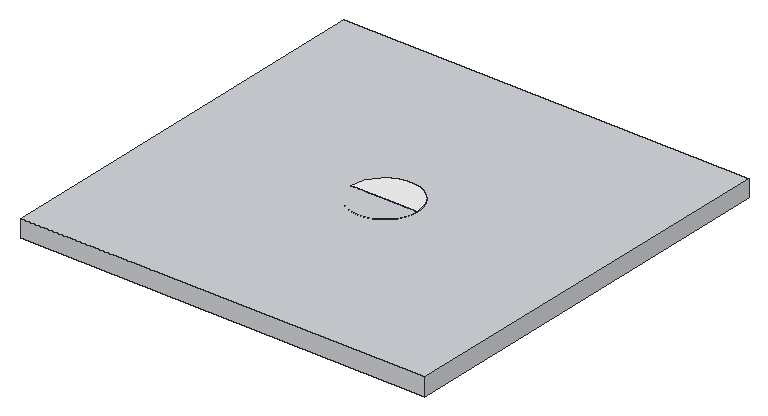
Revit family
Parameters (values of type "2"")
  WFU = 0
  URL = "WWW.MIFAB.COM"
  Top Assembly Diameter = 15.750"
  Strainer Adjustment [instance] = 2.500"
  Pipe Radius = 1.000"
  Pipe Diameter = Pipe Radius * 2  # 2.000"
  Model = "F1370"
  Manufacturer = "MIFAB"
  Floor Drain Material = Paint - Sherwin Williams Paint - #952C2A - Bellwood Red
  Description = "AREA DRAIN W/16\" ROUND ADJ. HEAVY DUTY TRACTOR GRATE & EXTRA DEEP SUMP"
  Default Elevation = 0.000"
  Body Height = 12.750"
  Assembly Code = ""
Types (6): name | Pipe Radius | Pipe Diameter | Body Height
  (no name) | 1.000" | 2.000" | 12.750"
  2" | 1.000" | 2.000" | 12.750"
  3" | 1.500" | 3.000" | 12.750"
  4" | 2.000" | 4.000" | 12.750"
  5" | 2.500" | 5.000" | 12.750"
  6" | 3.000" | 6.000" | 14.630"
Reference planes (in)
  plane 1 "Center (Front/Back)": y = 0
  plane 2: z = 0
  plane 3 "Center (Left/Right)": x = 0
  plane 4: x = -7.875
  plane 5: x = 7.875
  plane 6: z = -2.25
  plane 7: z = -15.25
  plane 8: z = -1.375
  plane 9: z = -0.875
  plane 10: z = -1.8125
  plane 11: x = 1
  plane 12: x = -1
  plane 13: z = -13.75
  plane 14: x = 4.077
  plane 15: z = -2.5
Forms (in)
  Extrusion 1, solid
    sketch origin (0, 0, 0) x (1, 0, 0) y (0, 1, 0)
      loop
        line (-48, 48) -> (-48, -48) -> (48, -48) -> (48, 48) -> (-48, 48)
    from 0 to -4.1699
  Revolve 2, solid, material "Paint - Sherwin Williams Paint - #952C2A - Bellwood Red" <- "Floor Drain Material"
    sketch origin (0, 0, 0) x (1, 0, 0) y (0, 0, 1)
      loop
        line (-7.875, 0) -> (-7.875, -1.375) -> (-6.78614, -1.375) -> (-4.4375, -1.8125) -> (-4.4375, -2.5) -> (-3.8375, -2.5) -> (-3.8375, -2.15) -> (-4.0875, -2.15) -> (-4.0875, -1.52168) -> (-6.88803, -1) -> (-7.25, -1) -> (-7.25, -0.3937) -> (0, -0.3937) -> (0, 0) -> (-7.875, 0)
      axis (0, 0) -> (0, -2.5)
    angle from 0 to 360
  Revolve 3, solid, material "Paint - Sherwin Williams Paint - #952C2A - Bellwood Red" <- "Floor Drain Material"
    sketch origin (0, 0, 0) x (1, 0, 0) y (0, 0, 1)
      loop
        line (3.8375, -2.5) -> (3.8375, -2.75) -> (4.21677, -2.75) -> (4.077, -13.593) -> (1, -13.593) -> (1, -15.25) -> (1.157, -15.25) -> (1.157, -13.75) -> (4.23037, -13.75) -> (4.37382, -2.75) -> (6.5, -2.75) -> (6.5, -2.5) -> (3.8375, -2.5)
      axis (0, -15.25) -> (0, -2.5)
    angle from 0 to 360
Lines and regions (in)
  symbolic lines
    curve 1: circle (0, 0, 0) r 7.875 normal (0, 0, 1)
Dimensions and locks (in)
  plane 4 to plane 5 = 15.750"
  "Strainer Adjustment": Extrusion 1 to plane 15
  "Body Height": plane 15 to plane 7
  equal spacing: plane 5, plane 3 "Center (Left/Right)", plane 4  (x2)
  level to plane 9 to plane 8 = 0.875" locked, 0.500" locked
  equal spacing: plane 12, plane 3 "Center (Left/Right)", plane 11
  "Pipe Radius": plane 11 to plane 3 "Center (Left/Right)"
  locked: Revolve 3 sketch curve to plane 13 at 0.157
  locked: plane 13 to plane 7 at 1.5
  plane 14 to plane 3 "Center (Left/Right)" = 4.077"
  locked: Revolve 3 sketch curve to plane 3 "Center (Left/Right)" at 6.5
  locked: Revolve 3 sketch curve to plane 11 at 0.157
  locked: plane 6 to plane 15 at 0.25
  equal spacing: Revolve 3 sketch curve, Revolve 3 sketch curve, Revolve 3 sketch curve, Revolve 3 sketch curve, plane 3 "Center (Left/Right)"
  plane 15 to Revolve 3 sketch curve to Revolve 3 sketch curve = 0.250", 0.000"
  Revolve 2 sketch curve to Revolve 2 sketch curve to Revolve 2 sketch curve to Revolve 2 sketch curve to Revolve 2 sketch curve to Revolve 2 sketch curve to plane 4 = 0.250" locked, 0.350" locked, 2.34864" locked, 0.10189", 0.36197", 0.625"
  plane 5 to plane 4 = 15.750"
  aligned and locked: plane 2 to Extrusion 1
  aligned and locked: level to Extrusion 1
  aligned and locked: Revolve 2 sketch curve to plane 3 "Center (Left/Right)"
  aligned and locked: Revolve 2 sketch curve to plane 4
  aligned and locked: Extrusion 1 to Revolve 2 sketch curve
  aligned and locked: plane 10 to Revolve 2 sketch curve
  aligned and locked: Revolve 3 sketch curve to plane 7
  aligned and locked: plane 3 "Center (Left/Right)" to Revolve 3 sketch curve
  aligned and locked: Revolve 3 sketch curve to plane 13
  aligned and locked: Revolve 3 sketch curve to plane 11
  aligned and locked: Revolve 3 sketch curve to plane 14
  aligned and locked: Revolve 3 sketch curve to plane 15
  aligned and locked: plane 3 "Center (Left/Right)" to Revolve 2 sketch curve
  aligned and locked: Revolve 2 to Revolve 3 sketch curve
Automatic sketch dimensions
  Extrusion 1 sketch curve to Extrusion 1 sketch curve = 96.000"  (x2)
  plane 14 to Revolve 3 sketch curve = 0.15337"
  level to Revolve 3 sketch curve = 1.000"
  Revolve 3 sketch curve to Revolve 3 sketch curve = 1.750"
  plane 14 to Revolve 3 sketch curve = 0.13977"
  Revolve 3 sketch curve to Revolve 3 sketch curve = 0.15704"
  Revolve 2 sketch curve to plane 8 = 0.000"
  Revolve 2 sketch curve to plane 15 = 0.000"
  plane 9 to Revolve 2 sketch curve = 0.125"
  plane 6 to Revolve 2 sketch curve = 0.100"
  Revolve 2 sketch curve to plane 15 = 3.375"
  plane 8 to Revolve 2 sketch curve = 0.14668"
  Revolve 2 sketch curve to level = 0.3937"
  Revolve 2 sketch curve to Revolve 2 sketch curve = 1.750"
  plane 1 "Center (Front/Back)" to curve 1 = 0.000"
  curve 1 to plane 3 "Center (Left/Right)" = 0.000"
  radius of curve 1 = 7.875"
Connectors (in)
  piping at (0, 0, -15.25), driven by "Pipe Radius", driven by "WFU"
    settings: on Revolve 3, index 1, connector radius 1", flow factor 0, pipe flow 0 GPM, pressure drop 0.00 psi, fitting loss kfactor 0, connector angle 0.00°, fixture units 0, flow configuration 3, flow direction 2, fitting loss method 0, system type 16, connector reference index -1, connector utility 0, adjustable connector no, is connector primary yes, fitting loss table "", connector description "Sanitary Out"
